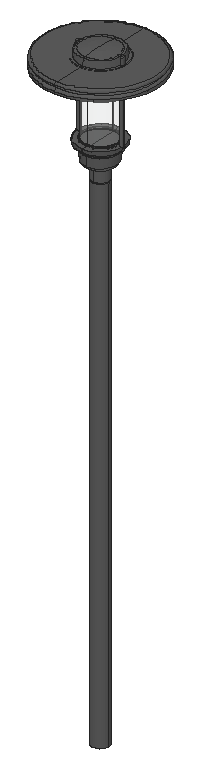
Revit family "Lighting - Current - Slide Post Top1", category Lighting Fixtures, host Face, Revit 2019
Family settings
  Host = Face
  Round Connector Dimension = Use Diameter
  Part Type = Normal
  OmniClass Number = 23.80.70.14
  OmniClass Title = Luminaries for External Lighting
  Cut with Voids When Loaded = No
  Light Source = Yes
  Shared = No
  Room Calculation Point = No
Parameters
  Wattage Comments = "25-112 W"  # constant formula
  Wattage = 9.2903 W
  built-in parameter 1150110 = 1 (stored number, unit not read)
  Voltage Comments = "120-277V"  # constant formula
  Voltage = 277 V
  URL = "https://www.currentlighting.com/aal"
  Type Comments = "Light Fixture"  # constant formula
  built-in parameter 1114217 = 1 (stored number, unit not read)
  Tilt Angle = 90.00°
  built-in parameter 1150109 = 1 (stored number, unit not read)
  built-in parameter 1150134 = 3
  built-in parameter 1150113 = 1 (stored number, unit not read)
  Shade - Staight (STS) [instance] = yes
  Sensor [instance] = no
  Product Page URL = "https://www.currentlighting.com/outdoor-lighting/slide-post-top/419897"
  Product Documentation Link = "https://cdn.currentlighting.com/site/specsheet/aal_sld_posttop_spec.pdf"
  Power Factor = 0.9  # constant formula
  Pole Height [instance] = 120.000"
  Photometry Note = "Please load ies file listed under Photometric Web File for accurate rendering."  # constant formula
  Photometric Web File = "SLD2-PT-4S-NL-80L-110-5K7-5QW-XXX.ies"
  Mounting = "Please Refer to the Product Spec Sheet for Mounting Options"  # constant formula
  Model = "Slide - Post Top"  # constant formula
  Manufacturer Email = "https://www.currentlighting.com/contact-us"
  Manufacturer Address = "701 Millenium Blvd,Greenville, SC"  # constant formula
  Manufacturer = "Current Lighting"  # constant formula
  built-in parameter 1150105 = 109.82 (stored number, unit not read)
  Lumens = 1380 lm
  built-in parameter 1150115 = 1 (stored number, unit not read)
  Load Classification = Lighting
  built-in parameter 1150137 = (empty or 0)
  built-in parameter 1150139 = (empty or 0)
  Lens Material = Glass - Current - Transparent
  Lens = yes
  built-in parameter 1150112 = 1 (stored number, unit not read)
  built-in parameter 1150114 = 1 (stored number, unit not read)
  Lamp = "LED"
  LED = LED - Current -  Yellow
  Installation and Service URL = "https://cdn.currentlighting.com/site/installationmanuals/aal_slide_ins.pdf"
  built-in parameter 1150132 = (empty or 0)
  built-in parameter 1150102 = (empty or 0)
  built-in parameter 1150107 = 3200 (stored number, unit not read)
  built-in parameter 1150138 = (empty or 0)
  built-in parameter 1150106 = 1.0982 (stored number, unit not read)
  Housing Material = Paint - Current - Black
  Shade - Flat (FTS) [instance] = yes
  Features = "Contemporary Post Top featuring clean lines for retail, courtyard, or hospitality applications\r\n3 different shade options (flat, straight, or curve) as well as the ability to have no shade without affecting the performance\r\nA set of three rings can be included on any luminaire configuration to add visual interest or block direct view of LEDs\r\nChoice of 2 or 4 struts to customize based on the application preference\r\nSlide has been designed to offer configurations with or without a lens\r\nPost top mounts on 2 3/8” to 3” tenon\r\nNX Lighting controls available"  # constant formula
  built-in parameter 1150104 = 13.8 (stored number, unit not read)
  Distribution Patterns = ""
  Dimming Lamp Color Temperature Shift = <None>
  Dimmimng Protocol = "0-10V, 10%-100%, Dusk to Dawn, Scheduling"  # constant formula
  Description = "Slide Post top offers a more traditional look while maintaining modern curves and lines. Slide offers superior optical control the post top mount can even replace less visually appealing area mounting fixtures as it maintains great optical control."  # constant formula
  Default Elevation = 48.000"
  Shade - Curve (CTS) [instance] = no
  Copyright = "COPYRIGHT © 2022 HLI SOLUTIONS, INC."  # constant formula
  Controller = "Please Refer to the Product Spec Sheet for Control Options"  # constant formula
  Contact Us = "https://www.currentlighting.com/contact-us"
  Color Rendering Index = ""
  Color Filter = 16777215
  built-in parameter 1114218 = 1 (stored number, unit not read)
  built-in parameter 1150133 = 10 (stored number, unit not read)
  Assembly Code = "D5020200"
  Apparent Load = Wattage  # 9.2903 VA
  4 Strut [instance] = not([2 Strut])  # no
  2 Strut [instance] = yes
Reference planes (in)
  plane 1 "Center (Front/Back)": y = 0
  plane 2: z = 0
  plane 3 "Center (Left/Right)": x = 0
  plane 4: x = 2
  plane 5: x = 1.9
  plane 6: z = 120
  plane 7: z = 120.4
  plane 8: z = 120
  plane 9: z = 151.4
  plane 10: x = 2
  plane 11: z = 147.9
  plane 12: z = 149.4
  plane 13: z = 149.2
  plane 14: x = 1.75
  plane 15: z = 151
  plane 16: z = 146.4
  plane 17: z = 120
Forms (in)
  Revolve 1, solid, material "Paint - Current - Black" <- "Housing Material"
    sketch origin (0, 0, 0) x (1, 0, 0) y (0, 0, 1)
      loop
        line (0, 0) -> (2, 0) -> (2, 120) -> (1.9, 120) -> (1.9, 120.4) -> (0, 120.4) -> (0, 0)
      axis (0, 120.4) -> (0, 0)
    angle from 0 to 360
  Revolve 2, solid, material "Paint - Current - Black" <- "Housing Material", visible <- "Sensor"
    sketch origin (0, 0, 0) x (1, 0, 0) y (0, 0, 1)
      loop
        line (0, 147.9) -> (2, 147.9) -> (2, 149.2) -> (1.75, 149.2) -> (1.75, 149.4) -> (2, 149.4) -> (2, 151)
        arc (2, 151) -> (1.02203, 151.31013) -> (0, 151.4) r 4.68628
        line (0, 151.4) -> (0, 147.9)
      axis (0, 147.9) -> (0, 151.4)
    angle from 0 to 360
Dimensions and locks (in)
  locked: plane 4 to plane 3 "Center (Left/Right)" at 2
  locked: plane 5 to plane 4 at 0.1
  "Pole Height": plane 6 to host face
  locked: plane 7 to plane 6 at 0.4
  "Pole Height": plane 8 to host face
  locked: plane 9 to plane 8 at 31.4
  locked: plane 10 to plane 3 "Center (Left/Right)" at 2
  locked: plane 11 to plane 9 at 3.5
  locked: plane 10 to plane 14 at 0.25
  locked: plane 12 to plane 13 at 0.2
  locked: plane 9 to plane 13 at 2.2
  locked: plane 9 to plane 15 at 0.4
  "Pole Height": plane 17 to level
  locked: plane 16 to plane 17 at 26.4
  aligned and locked: plane 2 to host face
  aligned and locked: level to host face
  aligned and locked: plane 6 to Revolve 1 sketch curve
  aligned and locked: plane 4 to Revolve 1 sketch curve
  aligned and locked: plane 5 to Revolve 1 sketch curve
  aligned and locked: Revolve 1 sketch curve to plane 3 "Center (Left/Right)"  (x2)
  aligned and locked: plane 7 to Revolve 1 sketch curve
  aligned and locked: Revolve 1 sketch curve to host face
  aligned and locked: plane 3 "Center (Left/Right)" to nested 1
  aligned and locked: plane 1 "Center (Front/Back)" to nested 1
  aligned and locked: plane 11 to Revolve 2 sketch curve  (x2)
  aligned and locked: plane 3 "Center (Left/Right)" to Revolve 2 sketch curve  (x3)
  aligned and locked: Revolve 2 sketch curve to plane 10
  aligned and locked: plane 12 to Revolve 2 sketch curve
  aligned and locked: Revolve 2 sketch curve to plane 13
  aligned and locked: Revolve 2 sketch curve to plane 14
  aligned and locked: host face to Revolve 2 sketch curve
  aligned and locked: plane 15 to Revolve 2 sketch curve
  aligned and locked: plane 10 to Revolve 2 sketch curve
  aligned and locked: plane 16 to imposter light
  aligned and locked: plane 3 "Center (Left/Right)" to imposter light
  aligned and locked: imposter light to plane 1 "Center (Front/Back)"
Automatic sketch dimensions
  host sketch curve to host sketch curve = 96.000"  (x2)
  Revolve 1 sketch curve to Revolve 1 sketch curve = 1.750"
  Revolve 1 sketch curve to Revolve 1 sketch curve = 10.000"
  plane 3 "Center (Left/Right)" to Revolve 2 sketch curve = 0.10297"
  level to Revolve 2 sketch curve = 10.250"
  Revolve 2 sketch curve to plane 9 = 0.000"
Nested families (in)
  nested 1: "Lighting - Current - Slide Post Top" at (0, 0, 120.4), 2 STRUT <- "2 Strut", 4 STRUT <- "4 Strut", type "Lighting - Current - Slide Post Top"
    with 4 STRUT no, 3 DECORATIVE RINGS yes, 2 STRUT yes
Connectors (in)
  electrical at (0, 0, 147.9), driven by "Voltage", driven by "Apparent Load", driven by "Power Factor", driven by "Load Classification"
    settings: on nested 1, index 1, voltage 277 V, apparent load 9.2903 VA, apparent load phase1 0 VA, apparent load phase2 0 VA, apparent load phase3 0 VA, power factor 0.9, load classification "Lighting", number of poles 1, system type 30, power factor state 1, is connector primary yes, connector utility no, sub classification motor no, connector description ""
Definition of nested family "Lighting - Current - Slide Post Top"
  Parameters (values of type "Lighting - Current - Slide Post Top")
    STRAIGHT (STS) = yes
    Flat (FTS) = yes
    Lens Material = none
    Lens = yes
    LED = none
    Housing Material = none
    Default Elevation = 48.000"
    CURVE (CTS) = no
    B = 90.00°
    A = -90.00°
    4 STRUT [instance] = no
    3 DECORATIVE RINGS [instance] = yes
    2 STRUT [instance] = yes
  Reference planes (in)
    plane 1 "Center (Front/Back)": y = 0
    plane 2: z = 0
    plane 3 "Center (Left/Right)": x = 0
    plane 4: y = 0.7
    plane 5: z = 2.8
    plane 6: y = 0.88
    plane 7: z = 2.93
    plane 8: z = 3.2
    plane 9: y = 1.58967
    plane 10: y = 3.28967
    plane 11: z = 4.03
    plane 12: y = 3.88967
    plane 13: z = 6.38
    plane 14: y = 4.10967
    plane 15: y = 4.35967
    plane 16: z = 6.78
    plane 17: y = 5.25967
    plane 18: z = 7.48
    plane 19: y = 5.425
    plane 20: z = 8.48
    plane 21: y = 4
    plane 22: y = 4.1
    plane 23: y = 4.2
    plane 24: z = 8.28
    plane 25: z = 8.18
    plane 26: z = 8.38
    plane 27: y = 4.2
    plane 28: y = 4
    plane 29: y = 3.84872
    plane 30: z = 8.38
    plane 31: z = 8.28
    plane 32: z = 25.88
    plane 33: z = 8.63
    plane 34: y = 3.74872
    plane 35: y = 5.2
    plane 36: z = 27.75
    plane 37: z = 27.6
    plane 38: y = 5.05
    plane 39: z = 26
    plane 40: y = 4
    plane 41: z = 26.3
    plane 42: z = 26.2
    plane 43: z = 26.1
    plane 44: y = 4.1
    plane 45: y = 4
    plane 46: z = 26.1
    plane 47: z = 26.2
    plane 48: y = 4.15108
    plane 49: y = 4.6
    plane 50: y = 4.75
    plane 51: z = 8.08
    plane 52: y = 1.85
    plane 53: y = 1.65
    plane 54: y = 1.15
    plane 55: y = 0.95
    plane 56: y = 0.45
    plane 57: y = 0.25
    plane 58: y = -1.85
    plane 59: y = -1.65
    plane 60: y = -1.15
    plane 61: y = -0.95
    plane 62: y = -0.45
    plane 63: y = -0.25
    plane 64: x = -1.85
    plane 65: x = -1.65
    plane 66: x = -1.15
    plane 67: x = -0.95
    plane 68: x = -0.45
    plane 69: x = -0.25
    plane 70: x = 1.85
    plane 71: x = 1.65
    plane 72: x = 1.15
    plane 73: x = 0.95
    plane 74: x = 0.45
    plane 75: x = 0.25
    plane 76: z = 8.25
    plane 77: x = -5.625
    plane 78: z = 7.48
    plane 79: z = 7.66
    plane 80: x = -5.55
    plane 81: x = -5.25967
    plane 82: z = 8.44
    plane 83: x = -5.42334
    plane 84: y = 5.625
    plane 85: z = 26.05
    plane 86: z = 27.55
    plane 87: y = 5.05402
    plane 88: y = 5.19481
    plane 89: z = 27.45
    plane 90: x = -5.40307
    plane 91: y = 5.625
    plane 92: z = 7.48
    plane 93: z = 7.66
    plane 94: y = 5.55
    plane 95: y = 5.25967
    plane 96: z = 8.44
    plane 97: y = 5.42334
    plane 98: y = 5.40307
    plane 99: y = -5.625
    plane 100: z = 7.48
    plane 101: z = 7.66
    plane 102: y = -5.55
    plane 103: y = -5.25967
    plane 104: z = 8.44
    plane 105: y = -5.42334
    plane 106: y = -5.40307
    plane 107: x = 5.625
    plane 108: z = 7.48
    plane 109: z = 7.66
    plane 110: x = 5.55
    plane 111: x = 5.25967
    plane 112: z = 8.44
    plane 113: x = 5.42334
    plane 114: x = 5.40307
    plane 115: x = 5.625
    plane 116: z = 26.05
    plane 117: z = 27.55
    plane 118: x = 5.05402
    plane 119: x = 5.19481
    plane 120: z = 27.45
    plane 121: x = -5.625
    plane 122: z = 26.05
    plane 123: z = 27.55
    plane 124: x = -5.05402
    plane 125: x = -5.19481
    plane 126: z = 27.45
    plane 127: y = -5.625
    plane 128: z = 26.05
    plane 129: z = 27.55
    plane 130: y = -5.05402
    plane 131: y = -5.19481
    plane 132: z = 27.45
    plane 133: z = 26.82
    plane 134: x = 5.1
    plane 135: x = 5.4636
    plane 136: z = 26.82
    plane 137: y = -5.1
    plane 138: y = -5.4636
    plane 139: z = 26.82
    plane 140: y = 5.1
    plane 141: y = 5.4636
    plane 142: z = 26.82
    plane 143: x = -5.1
    plane 144: x = -5.4636
    plane 145: x = 5.1
    plane 146: z = 26.82
    plane 147: x = 5.4636
    plane 148: x = -5.1
    plane 149: z = 26.82
    plane 150: x = -5.4636
    plane 151: z = 20.15
    plane 152: z = 20.3
    plane 153: z = 21.8
    plane 154: z = 21.95
    plane 155: z = 23.45
    plane 156: z = 23.6
    plane 157: x = -4.3
    plane 158: x = -5.9
    plane 159: z = 28.05
    plane 160: y = 4.4
    plane 161: y = 2
    plane 162: z = 26.05
    plane 163: z = 26.1
    plane 164: z = 26.05
    plane 165: y = 13.5
    plane 166: y = 13.45
    plane 167: z = 25.6
    plane 168: y = 4.8
    plane 169: z = 26.09985
    plane 170: z = 26.04985
    plane 171: z = 24.72985
    plane 172: z = 24.6789
    plane 173: z = 24.2288
    plane 174: z = 24.23396
    plane 175: z = 23.72985
    plane 176: y = -12.50295
    plane 177: y = -4.8
    plane 178: y = -5.47658
    plane 179: y = -13.5
    plane 180: x = 13.5
    plane 181: z = 23.72985
    plane 182: x = 13.00771
    plane 183: z = 24.22985
    plane 184: z = 24.72985
    plane 185: z = 26.09985
    plane 186: x = 4.80771
    plane 187: x = 6.00771
  Forms (in)
    Extrusion 1, solid
      sketch origin (0, 0, 0) x (1, 0, 0) y (0, 1, 0)
        loop
          line (-48, 48) -> (-48, -48) -> (48, -48) -> (48, 48) -> (-48, 48)
      from 0 to -12
    Revolve 2, solid, material <- "Housing Material"
      sketch origin (0, 0, 0) x (0, 1, 0) y (0, 0, 1)
        loop
          line (3.28967, 3.2) -> (3.28967, 4.03) -> (3.88967, 4.03) -> (4.10967, 6.38)
          arc (4.10967, 6.38) -> (4.18729, 6.60961) -> (4.35967, 6.78) r 0.52569
          arc (4.35967, 6.78) -> (4.82966, 7.1043) -> (5.25967, 7.48) r 5.00722
          line (5.25967, 7.48) -> (5.425, 8.48) -> (4, 8.48) -> (4, 8.38) -> (4.2, 8.38) -> (4.2, 8.28) -> (4, 8.28) -> (4, 8.18) -> (0, 8.18) -> (0, 8.08) -> (4.35967, 8.08) -> (4.35967, 8.38) -> (5.30711, 8.38) -> (5.16637, 7.52874)
          arc (5.16637, 7.52874) -> (4.75541, 7.17327) -> (4.30766, 6.86541) r 4.90722
          arc (4.30766, 6.86541) -> (4.10249, 6.66261) -> (4.0101, 6.38932) r 0.62569
          line (4.0101, 6.38932) -> (3.79859, 4.13) -> (3.18967, 4.13) -> (3.18967, 3.3) -> (0, 3.3) -> (0, 0) -> (2, 0) -> (2, 3.2) -> (3.28967, 3.2)
        axis (0, 0) -> (0, 8.48)
      angle from 0 to 360
    Revolve 3, solid, material <- "Lens Material", visible <- "Lens"
      sketch origin (0, 0, 0) x (0, 1, 0) y (0, 0, 1)
        loop
          line (4.2, 8.28) -> (4.2, 8.38) -> (4, 8.38) -> (4, 8.63) -> (3.84872, 8.63) -> (3.84872, 25.88) -> (4, 25.88) -> (4, 26.1) -> (4.15108, 26.1) -> (4.15108, 26.2) -> (3.74872, 26.2) -> (3.74872, 8.28) -> (4.2, 8.28)
        axis (0, 8.28) -> (0, 26.2)
      angle from 0 to 360
    Revolve 4, solid, material <- "Housing Material"
      sketch origin (0, 0, 0) x (0, 1, 0) y (0, 0, 1)
        loop
          line (4.1, 27.5) -> (4.1, 26.3) -> (4.25, 26.3) -> (4.25, 26.1) -> (5.09019, 26.1) -> (4.95894, 27.5) -> (4.1, 27.5)
        loop
          arc (4.4, 27.6) -> (2.21212, 27.94355) -> (0, 28.05) r 20.57925
          line (0, 28.05) -> (0, 26.1) -> (4, 26.1) -> (4, 26) -> (5.2, 26) -> (5.05, 27.6) -> (4.4, 27.6)
        axis (0, 26) -> (0, 28.05)
      angle from 0 to 360
    Revolve 5, solid, material <- "Housing Material"
      sketch origin (0, 0, 0) x (0, 1, 0) y (0, 0, 1)
        loop
          arc (4.75, 27.6) -> (4.70607, 27.70607) -> (4.6, 27.75) r 0.15
          line (4.6, 27.75) -> (4.6, 27.6) -> (4.75, 27.6)
        axis (4.6, 27.6) -> (4.6, 27.75)
      angle from 0 to 360
    Revolve 6, solid, material <- "Housing Material"
      sketch origin (0, 0, 0) x (1, 0, 0) y (0, 0, 1)
        loop
          arc (4.75, 27.6) -> (4.70607, 27.70607) -> (4.6, 27.75) r 0.15
          line (4.6, 27.75) -> (4.6, 27.6) -> (4.75, 27.6)
        axis (4.6, 27.6) -> (4.6, 27.75)
      angle from 0 to 360
    Revolve 7, solid, material <- "Housing Material"
      sketch origin (0, 0, 0) x (-1, 0, 0) y (0, 0, 1)
        loop
          arc (4.75, 27.6) -> (4.70607, 27.70607) -> (4.6, 27.75) r 0.15
          line (4.6, 27.75) -> (4.6, 27.6) -> (4.75, 27.6)
        axis (4.6, 27.6) -> (4.6, 27.75)
      angle from 0 to 360
    Revolve 8, solid, material <- "Housing Material"
      sketch origin (0, 0, 0) x (0, -1, 0) y (0, 0, 1)
        loop
          arc (4.75, 27.6) -> (4.70607, 27.70607) -> (4.6, 27.75) r 0.15
          line (4.6, 27.75) -> (4.6, 27.6) -> (4.75, 27.6)
        axis (4.6, 27.6) -> (4.6, 27.75)
      angle from 0 to 360
    Extrusion 9, solid, material <- "LED"
      sketch origin (0, 0, 0) x (1, 0, 0) y (0, 1, 0)
        loop
          line (-1.85, 1.85) -> (-1.85, 1.65) -> (-1.65, 1.65) -> (-1.65, 1.85) -> (-1.85, 1.85)
        loop
          line (-0.45, 1.85) -> (-0.45, 1.65) -> (-0.25, 1.65) -> (-0.25, 1.85) -> (-0.45, 1.85)
        loop
          line (0.25, 1.85) -> (0.25, 1.65) -> (0.45, 1.65) -> (0.45, 1.85) -> (0.25, 1.85)
        loop
          line (-1.15, 1.85) -> (-1.15, 1.65) -> (-0.95, 1.65) -> (-0.95, 1.85) -> (-1.15, 1.85)
        loop
          line (0.95, 1.85) -> (0.95, 1.65) -> (1.15, 1.65) -> (1.15, 1.85) -> (0.95, 1.85)
        loop
          line (1.65, 1.85) -> (1.65, 1.65) -> (1.85, 1.65) -> (1.85, 1.85) -> (1.65, 1.85)
        loop
          line (1.85, 0.95) -> (1.85, 1.15) -> (1.65, 1.15) -> (1.65, 0.95) -> (1.85, 0.95)
        loop
          line (1.85, 0.25) -> (1.85, 0.45) -> (1.65, 0.45) -> (1.65, 0.25) -> (1.85, 0.25)
        loop
          line (1.85, -0.45) -> (1.85, -0.25) -> (1.65, -0.25) -> (1.65, -0.45) -> (1.85, -0.45)
        loop
          line (1.85, -1.15) -> (1.85, -0.95) -> (1.65, -0.95) -> (1.65, -1.15) -> (1.85, -1.15)
        loop
          line (1.85, -1.85) -> (1.85, -1.65) -> (1.65, -1.65) -> (1.65, -1.85) -> (1.85, -1.85)
        loop
          line (1.15, -1.85) -> (1.15, -1.65) -> (0.95, -1.65) -> (0.95, -1.85) -> (1.15, -1.85)
        loop
          line (0.45, -1.85) -> (0.45, -1.65) -> (0.25, -1.65) -> (0.25, -1.85) -> (0.45, -1.85)
        loop
          line (-0.25, -1.85) -> (-0.25, -1.65) -> (-0.45, -1.65) -> (-0.45, -1.85) -> (-0.25, -1.85)
        loop
          line (-0.95, -1.85) -> (-0.95, -1.65) -> (-1.15, -1.65) -> (-1.15, -1.85) -> (-0.95, -1.85)
        loop
          line (-1.65, -1.85) -> (-1.65, -1.65) -> (-1.85, -1.65) -> (-1.85, -1.85) -> (-1.65, -1.85)
        loop
          line (-1.85, -1.15) -> (-1.65, -1.15) -> (-1.65, -0.95) -> (-1.85, -0.95) -> (-1.85, -1.15)
        loop
          line (-1.85, -0.45) -> (-1.65, -0.45) -> (-1.65, -0.25) -> (-1.85, -0.25) -> (-1.85, -0.45)
        loop
          line (-1.65, 0.25) -> (-1.65, 0.45) -> (-1.85, 0.45) -> (-1.85, 0.25) -> (-1.65, 0.25)
        loop
          line (-1.65, 0.95) -> (-1.65, 1.15) -> (-1.85, 1.15) -> (-1.85, 0.95) -> (-1.65, 0.95)
        loop
          line (0.95, 0.95) -> (1.15, 0.95) -> (1.15, 1.15) -> (0.95, 1.15) -> (0.95, 0.95)
        loop
          line (0.95, 0.45) -> (0.95, 0.25) -> (1.15, 0.25) -> (1.15, 0.45) -> (0.95, 0.45)
        loop
          line (0.25, 1.15) -> (0.25, 0.95) -> (0.45, 0.95) -> (0.45, 1.15) -> (0.25, 1.15)
        loop
          line (0.45, 0.45) -> (0.25, 0.45) -> (0.25, 0.25) -> (0.45, 0.25) -> (0.45, 0.45)
        loop
          line (-0.25, 0.25) -> (-0.25, 0.45) -> (-0.45, 0.45) -> (-0.45, 0.25) -> (-0.25, 0.25)
        loop
          line (-0.45, 1.15) -> (-0.45, 0.95) -> (-0.25, 0.95) -> (-0.25, 1.15) -> (-0.45, 1.15)
        loop
          line (-0.95, 0.95) -> (-0.95, 1.15) -> (-1.15, 1.15) -> (-1.15, 0.95) -> (-0.95, 0.95)
        loop
          line (-1.15, 0.45) -> (-1.15, 0.25) -> (-0.95, 0.25) -> (-0.95, 0.45) -> (-1.15, 0.45)
        loop
          line (-1.15, -0.25) -> (-1.15, -0.45) -> (-0.95, -0.45) -> (-0.95, -0.25) -> (-1.15, -0.25)
        loop
          line (-1.15, -1.15) -> (-0.95, -1.15) -> (-0.95, -0.95) -> (-1.15, -0.95) -> (-1.15, -1.15)
        loop
          line (-0.45, -0.95) -> (-0.45, -1.15) -> (-0.25, -1.15) -> (-0.25, -0.95) -> (-0.45, -0.95)
        loop
          line (0.25, -0.95) -> (0.25, -1.15) -> (0.45, -1.15) -> (0.45, -0.95) -> (0.25, -0.95)
        loop
          line (0.95, -0.95) -> (0.95, -1.15) -> (1.15, -1.15) -> (1.15, -0.95) -> (0.95, -0.95)
        loop
          line (-0.45, -0.25) -> (-0.45, -0.45) -> (-0.25, -0.45) -> (-0.25, -0.25) -> (-0.45, -0.25)
        loop
          line (0.25, -0.25) -> (0.25, -0.45) -> (0.45, -0.45) -> (0.45, -0.25) -> (0.25, -0.25)
        loop
          line (0.95, -0.25) -> (0.95, -0.45) -> (1.15, -0.45) -> (1.15, -0.25) -> (0.95, -0.25)
      from 26 to 26.2
    Revolve 10, solid, material <- "Housing Material"
      sketch origin (0, 0, 0) x (-1, 0, 0) y (0, 0, 1)
        loop
          line (5.55, 7.66) -> (5.62134, 8.44) -> (5.40307, 8.44) -> (5.25868, 7.48006)
          arc (5.25868, 7.48006) -> (5.43301, 7.52361) -> (5.55, 7.66) r 0.29588
        axis (5.16637, 7.48006) -> (5.16637, 8.44)
      angle from 90 <- "B" to -90 <- "A"
    Revolve 11, solid, material <- "Housing Material", visible <- "4 STRUT"
      sketch origin (0, 0, 0) x (0, 1, 0) y (0, 0, 1)
        loop
          line (5.19481, 26.05) -> (5.625, 26.05) -> (5.625, 27.45)
          arc (5.625, 27.45) -> (5.34433, 27.52754) -> (5.05402, 27.55) r 1.51648
          line (5.05402, 27.55) -> (5.19481, 26.05)
        axis (5.05402, 27.55) -> (5.05402, 26.05)
      angle from 90 <- "B" to -90 <- "A"
    Revolve 12, solid, material <- "Housing Material", visible <- "4 STRUT"
      sketch origin (0, 0, 0) x (0, 1, 0) y (0, 0, 1)
        loop
          line (5.55, 7.66) -> (5.62134, 8.44) -> (5.40307, 8.44) -> (5.25868, 7.48006)
          arc (5.25868, 7.48006) -> (5.43301, 7.52361) -> (5.55, 7.66) r 0.29588
        axis (5.16637, 7.48006) -> (5.16637, 8.44)
      angle from 90 <- "B" to -90 <- "A"
    Revolve 13, solid, material <- "Housing Material", visible <- "4 STRUT"
      sketch origin (0, 0, 0) x (0, -1, 0) y (0, 0, 1)
        loop
          line (5.55, 7.66) -> (5.62134, 8.44) -> (5.40307, 8.44) -> (5.25868, 7.48006)
          arc (5.25868, 7.48006) -> (5.43301, 7.52361) -> (5.55, 7.66) r 0.29588
        axis (5.16637, 7.48006) -> (5.16637, 8.44)
      angle from 90 <- "B" to -90 <- "A"
    Revolve 14, solid, material <- "Housing Material"
      sketch origin (0, 0, 0) x (1, 0, 0) y (0, 0, 1)
        loop
          line (5.55, 7.66) -> (5.62134, 8.44) -> (5.40307, 8.44) -> (5.25868, 7.48006)
          arc (5.25868, 7.48006) -> (5.43301, 7.52361) -> (5.55, 7.66) r 0.29588
        axis (5.16637, 7.48006) -> (5.16637, 8.44)
      angle from 90 <- "B" to -90 <- "A"
    Revolve 15, solid, material <- "Housing Material"
      sketch origin (0, 0, 0) x (1, 0, 0) y (0, 0, 1)
        loop
          line (5.19481, 26.05) -> (5.625, 26.05) -> (5.625, 27.45)
          arc (5.625, 27.45) -> (5.34433, 27.52754) -> (5.05402, 27.55) r 1.51648
          line (5.05402, 27.55) -> (5.19481, 26.05)
        axis (5.05402, 27.55) -> (5.05402, 26.05)
      angle from 90 <- "B" to -90 <- "A"
    Revolve 16, solid, material <- "Housing Material"
      sketch origin (0, 0, 0) x (-1, 0, 0) y (0, 0, 1)
        loop
          line (5.19481, 26.05) -> (5.625, 26.05) -> (5.625, 27.45)
          arc (5.625, 27.45) -> (5.34433, 27.52754) -> (5.05402, 27.55) r 1.51648
          line (5.05402, 27.55) -> (5.19481, 26.05)
        axis (5.05402, 27.55) -> (5.05402, 26.05)
      angle from 90 <- "B" to -90 <- "A"
    Revolve 17, solid, material <- "Housing Material", visible <- "4 STRUT"
      sketch origin (0, 0, 0) x (0, -1, 0) y (0, 0, 1)
        loop
          line (5.19481, 26.05) -> (5.625, 26.05) -> (5.625, 27.45)
          arc (5.625, 27.45) -> (5.34433, 27.52754) -> (5.05402, 27.55) r 1.51648
          line (5.05402, 27.55) -> (5.19481, 26.05)
        axis (5.05402, 27.55) -> (5.05402, 26.05)
      angle from 90 <- "B" to -90 <- "A"
    Revolve 18, solid, material <- "Housing Material", visible <- "4 STRUT"
      sketch origin (0, 0, 0) x (1, 0, 0) y (0, 0, 1)
        loop
          line (5.1, 8.25) -> (5.4636, 8.25) -> (5.4636, 26.82) -> (5.1, 26.82) -> (5.1, 8.25)
        axis (5.1, 8.25) -> (5.1, 26.82)
      angle from 0 to 360
    Revolve 19, solid, material <- "Housing Material", visible <- "4 STRUT"
      sketch origin (0, 0, 0) x (0, -1, 0) y (0, 0, 1)
        loop
          line (5.1, 8.25) -> (5.4636, 8.25) -> (5.4636, 26.82) -> (5.1, 26.82) -> (5.1, 8.25)
        axis (5.1, 8.25) -> (5.1, 26.82)
      angle from 0 to 360
    Revolve 20, solid, material <- "Housing Material", visible <- "4 STRUT"
      sketch origin (0, 0, 0) x (0, 1, 0) y (0, 0, 1)
        loop
          line (5.1, 8.25) -> (5.4636, 8.25) -> (5.4636, 26.82) -> (5.1, 26.82) -> (5.1, 8.25)
        axis (5.1, 8.25) -> (5.1, 26.82)
      angle from 0 to 360
    Revolve 21, solid, material <- "Housing Material", visible <- "4 STRUT"
      sketch origin (0, 0, 0) x (-1, 0, 0) y (0, 0, 1)
        loop
          line (5.1, 8.25) -> (5.4636, 8.25) -> (5.4636, 26.82) -> (5.1, 26.82) -> (5.1, 8.25)
        axis (5.1, 8.25) -> (5.1, 26.82)
      angle from 0 to 360
    Revolve 22, solid, material <- "Housing Material", visible <- "2 STRUT"
      sketch origin (0, 0, 0) x (1, 0, 0) y (0, 0, 1)
        loop
          line (5.1, 26.82) -> (5.1, 8.25) -> (5.4636, 8.25) -> (5.4636, 26.82) -> (5.1, 26.82)
        axis (5.1, 8.25) -> (5.1, 26.82)
      angle from 0 to 360
    Revolve 23, solid, material <- "Housing Material", visible <- "2 STRUT"
      sketch origin (0, 0, 0) x (-1, 0, 0) y (0, 0, 1)
        loop
          line (5.1, 26.82) -> (5.1, 8.25) -> (5.4636, 8.25) -> (5.4636, 26.82) -> (5.1, 26.82)
        axis (5.1, 8.25) -> (5.1, 26.82)
      angle from 0 to 360
    Revolve 24, solid, material <- "Housing Material", visible <- "3 DECORATIVE RINGS"
      sketch origin (0, 0, 0) x (1, 0, 0) y (0, 0, 1)
        loop
          line (-4.3, 23.6) -> (-5.9, 23.6) -> (-5.9, 23.45) -> (-4.3, 23.45) -> (-4.3, 23.6)
        loop
          line (-4.3, 21.95) -> (-5.9, 21.95) -> (-5.9, 21.8) -> (-4.3, 21.8) -> (-4.3, 21.95)
        loop
          line (-4.3, 20.3) -> (-5.9, 20.3) -> (-5.9, 20.15) -> (-4.3, 20.15) -> (-4.3, 20.3)
        axis (0, 20.15) -> (0, 23.6)
      angle from 0 to 360
    Revolve 25, solid, material <- "Housing Material", visible <- "Flat (FTS)"
      sketch origin (0, 0, 0) x (0, 1, 0) y (0, 0, 1)
        loop
          arc (13.5, 25.6) -> (13.35355, 25.95355) -> (13, 26.1) r 0.5
          line (13, 26.1) -> (4.8, 26.1) -> (4.8, 26.05) -> (13, 26.05)
          arc (13, 26.05) -> (13.3182, 25.9182) -> (13.45, 25.6) r 0.45
          line (13.45, 25.6) -> (13.5, 25.6)
        axis (0, 26.1) -> (0, 25.6)
      angle from 0 to 360
    Revolve 26, solid, material <- "Housing Material", visible <- "STRAIGHT (STS)"
      sketch origin (0, 0, 0) x (0, 1, 0) y (0, 0, 1)
        loop
          line (-13.5, 23.72985) -> (-13.45, 23.72985) -> (-13.45, 24.2288)
          arc (-13.45, 24.2288) -> (-13.27585, 24.50365) -> (-13.00099, 24.6778) r 0.74342
          line (-13.00099, 24.6778) -> (-5.99053, 26.04985) -> (-4.8, 26.04985) -> (-4.8, 26.09985) -> (-5.96902, 26.09985) -> (-12.99538, 24.72469)
          arc (-12.99538, 24.72469) -> (-13.32945, 24.54333) -> (-13.5, 24.20361) r 0.63476
          line (-13.5, 24.20361) -> (-13.5, 23.72985)
        axis (0, 23.72985) -> (0, 26.09985)
      angle from 0 to 360
    Revolve 27, solid, material <- "Housing Material", visible <- "CURVE (CTS)"
      sketch origin (0, 0, 0) x (1, 0, 0) y (0, 0, 1)
        loop
          line (13.50771, 23.72985) -> (13.50771, 24.22985)
          arc (13.50771, 24.22985) -> (13.36127, 24.5834) -> (13.00771, 24.72985) r 0.5
          arc (13.00771, 24.72985) -> (9.44131, 25.07557) -> (6.00771, 26.09985) r 18.56821
          line (6.00771, 26.09985) -> (4.80771, 26.09985) -> (4.80771, 26.04985) -> (5.99793, 26.04985)
          arc (5.99793, 26.04985) -> (9.43651, 25.02556) -> (13.00771, 24.67985) r 18.61821
          arc (13.00771, 24.67985) -> (13.32591, 24.54805) -> (13.45771, 24.22985) r 0.45
          line (13.45771, 24.22985) -> (13.45771, 23.72985) -> (13.50771, 23.72985)
        axis (0.00771, 26.09985) -> (0.00771, 23.72985)
      angle from 0 to 360
  Dimensions and locks (in)
    locked: plane 1 "Center (Front/Back)" to plane 4 at 0.7
    locked: plane 5 to Extrusion 1 at 2.8
    locked: plane 9 to plane 10 at 1.7
    locked: plane 11 to plane 8 at 0.83
    locked: plane 10 to plane 12 at 0.6
    locked: plane 13 to plane 11 at 2.35
    locked: plane 12 to plane 14 at 0.22
    locked: plane 14 to plane 15 at 0.25
    locked: plane 16 to plane 13 at 0.4
    locked: plane 18 to plane 16 at 0.7
    locked: plane 1 "Center (Front/Back)" to plane 21 at 4
    locked: Revolve 2 sketch curve to Revolve 2 sketch curve at 0.1  (x8)
    locked: plane 21 to plane 22 at 0.1
    locked: plane 22 to plane 23 at 0.1
    locked: plane 24 to plane 25 at 0.1
    locked: plane 20 to plane 24 at 0.2
    locked: plane 20 to plane 26 at 0.1
    locked: plane 31 to Extrusion 1 at 8.28
    locked: plane 30 to plane 31 at 0.1
    locked: plane 1 "Center (Front/Back)" to plane 29 at 3.84872
    locked: plane 29 to plane 28 at 0.15128
    locked: plane 28 to plane 27 at 0.2
    locked: plane 32 to Extrusion 1 at 25.88
    locked: plane 33 to plane 31 at 0.35
    locked: plane 34 to plane 29 at 0.1
    locked: plane 1 "Center (Front/Back)" to plane 35 at 5.2
    locked: plane 36 to level at 27.75
    locked: plane 36 to plane 37 at 0.15
    locked: plane 38 to plane 35 at 0.15
    locked: plane 1 "Center (Front/Back)" to plane 40 at 4
    locked: plane 41 to plane 39 at 0.3
    equal spacing: plane 41, plane 42, plane 43, plane 39, locked at 0.1 each
    plane 40 to plane 44 = 0.100"
    locked: plane 1 "Center (Front/Back)" to plane 45 at 4
    locked: Revolve 4 sketch curve to Revolve 4 sketch curve at 0.1  (x3)
    locked: plane 17 to plane 19 at 0.16533
    locked: plane 49 to plane 35 at 0.6
    locked: plane 49 to plane 50 at 0.15
    locked: plane 25 to plane 51 at 0.1
    plane 52 to plane 53 to plane 54 to plane 55 to plane 4 to plane 56 to plane 57 to plane 1 "Center (Front/Back)" to plane 63 to plane 62 to plane 61 to plane 60 to plane 59 to plane 58 = 0.200" locked, 0.500" locked, 0.200" locked, 0.250" locked, 0.250" locked, 0.200" locked, 0.250" locked, 0.250" locked, 0.200" locked, 0.500" locked, 0.200" locked, 0.500" locked, 0.200" locked
    plane 64 to plane 65 to plane 66 to plane 67 to plane 68 to plane 69 to plane 75 to plane 74 to plane 73 to plane 72 to plane 71 to plane 70 = 0.200" locked, 0.500" locked, 0.200" locked, 0.500" locked, 0.200" locked, 0.500" locked, 0.200" locked, 0.500" locked, 0.200" locked, 0.500" locked, 0.200" locked
    locked: Extrusion 1 to plane 76 at 8.25
    locked: plane 79 to plane 78 at 0.18
    locked: plane 80 to plane 77 at 0.075
    locked: plane 81 to plane 80 at 0.29033
    locked: plane 83 to plane 77 at 0.20166
    locked: plane 87 to plane 84 at 0.57098
    locked: plane 88 to plane 84 at 0.43019
    locked: plane 86 to plane 89 at 0.1
    locked: plane 82 to plane 79 at 0.78
    locked: plane 80 to plane 90 at 0.14693
    locked: plane 93 to plane 92 at 0.18
    locked: plane 96 to plane 93 at 0.78
    locked: plane 94 to plane 98 at 0.14693
    locked: plane 101 to plane 100 at 0.18
    locked: plane 104 to plane 101 at 0.78
    locked: plane 102 to plane 106 at 0.14693
    locked: plane 109 to plane 108 at 0.18
    locked: plane 107 to plane 110 at 0.075
    locked: plane 110 to plane 111 at 0.29033
    locked: plane 107 to plane 113 at 0.20166
    locked: plane 112 to plane 109 at 0.78
    locked: plane 110 to plane 114 at 0.14693
    locked: plane 80 to plane 3 "Center (Left/Right)" at 5.55
    locked: plane 78 to Extrusion 1 at 7.48
    locked: plane 108 to Extrusion 1 at 7.48
    locked: plane 107 to plane 3 "Center (Left/Right)" at 5.625
    locked: plane 91 to plane 1 "Center (Front/Back)" at 5.625
    locked: plane 92 to Extrusion 1 at 7.48
    locked: plane 100 to Extrusion 1 at 7.48
    locked: plane 1 "Center (Front/Back)" to plane 99 at 5.625
    locked: plane 118 to plane 115 at 0.57098
    locked: plane 119 to plane 115 at 0.43019
    locked: plane 117 to plane 120 at 0.1
    locked: plane 124 to plane 121 at 0.57098
    locked: plane 125 to plane 121 at 0.43019
    locked: plane 123 to plane 126 at 0.1
    locked: plane 130 to plane 127 at 0.57098
    locked: plane 131 to plane 127 at 0.43019
    locked: plane 129 to plane 132 at 0.1
    locked: plane 121 to plane 3 "Center (Left/Right)" at 5.625
    locked: plane 126 to Extrusion 1 at 27.45
    locked: plane 120 to Extrusion 1 at 27.45
    locked: plane 115 to plane 3 "Center (Left/Right)" at 5.625
    locked: plane 84 to plane 1 "Center (Front/Back)" at 5.625
    locked: plane 89 to Extrusion 1 at 27.45
    locked: plane 132 to Extrusion 1 at 27.45
    locked: plane 1 "Center (Front/Back)" to plane 127 at 5.625
    locked: plane 135 to plane 134 at 0.3636
    locked: plane 138 to plane 137 at 0.3636
    locked: plane 141 to plane 140 at 0.3636
    locked: plane 144 to plane 143 at 0.3636
    locked: plane 3 "Center (Left/Right)" to Revolve 21 sketch curve at 5.1
    locked: plane 143 to plane 3 "Center (Left/Right)" at 5.1
    plane 5 to Revolve 10 to plane 142 = 5.640" locked, 18.380" locked
    locked: plane 134 to plane 3 "Center (Left/Right)" at 5.1
    locked: plane 133 to plane 37 at 0.78
    locked: plane 36 to plane 136 at 0.93
    locked: plane 1 "Center (Front/Back)" to plane 137 at 5.1
    locked: plane 37 to plane 139 at 0.78
    locked: plane 140 to plane 1 "Center (Front/Back)" at 5.1
    locked: plane 36 to plane 146 at 0.93
    locked: plane 145 to plane 3 "Center (Left/Right)" at 5.1
    locked: plane 147 to plane 145 at 0.3636
    locked: plane 150 to plane 148 at 0.3636
    locked: plane 148 to plane 3 "Center (Left/Right)" at 5.1
    locked: plane 36 to plane 149 at 0.93
    locked: plane 151 to plane 152 at 0.15
    locked: plane 153 to plane 154 at 0.15
    locked: plane 155 to plane 156 at 0.15
    locked: plane 152 to plane 153 at 1.5
    locked: plane 154 to plane 155 at 1.5
    locked: plane 3 "Center (Left/Right)" to plane 157 at 4.3
    locked: plane 158 to plane 157 at 1.6
    locked: plane 151 to Extrusion 1 at 20.15
    locked: plane 159 to plane 36 at 0.3
    locked: plane 160 to plane 1 "Center (Front/Back)" at 4.4
    locked: plane 161 to plane 1 "Center (Front/Back)" at 2
    locked: plane 162 to Extrusion 1 at 26.05
    locked: plane 164 to plane 167 at 0.45
    locked: plane 164 to plane 163 at 0.05
    locked: plane 165 to plane 166 at 0.05
    locked: plane 168 to plane 1 "Center (Front/Back)" at 4.8
    locked: plane 174 to plane 173 at 0.00516
    locked: plane 173 to plane 175 at 0.49895
    locked: plane 174 to plane 172 at 0.44494
    locked: plane 172 to plane 171 at 0.05095
    plane 177 to plane 178 to plane 176 = 0.67658" locked, 7.02636" locked
    locked: plane 169 to plane 170 at 0.05
    locked: plane 1 "Center (Front/Back)" to plane 179 at 13.5
    locked: plane 1 "Center (Front/Back)" to plane 177 at 4.8
    locked: plane 170 to Extrusion 1 at 26.04985
    locked: Revolve 26 sketch curve to Revolve 26 sketch curve at 0.05
    locked: plane 183 to plane 181 at 0.5
    locked: plane 184 to plane 183 at 0.5
    locked: plane 185 to plane 181 at 2.37
    locked: Revolve 27 sketch curve to Revolve 27 sketch curve at 0.05  (x3)
    locked: Revolve 27 sketch curve to Revolve 27 sketch curve at 0.05095
    locked: plane 186 to plane 3 "Center (Left/Right)" at 4.80771
    locked: plane 187 to plane 186 at 1.2
    locked: plane 187 to plane 180 at 7.49229
    aligned and locked: plane 2 to Extrusion 1
    aligned and locked: level to Extrusion 1
    aligned and locked: plane 10 to Revolve 2 sketch curve
    aligned and locked: Revolve 2 sketch curve to plane 11
    aligned and locked: plane 13 to Revolve 2 sketch curve  (x2)
    aligned and locked: plane 14 to Revolve 2 sketch curve  (x2)
    aligned and locked: plane 11 to Revolve 2 sketch curve
    aligned and locked: plane 12 to Revolve 2 sketch curve
    aligned and locked: plane 16 to Revolve 2 sketch curve
    aligned and locked: plane 15 to Revolve 2 sketch curve  (x2)
    aligned and locked: plane 21 to Revolve 2 sketch curve  (x2)
    aligned and locked: plane 20 to Revolve 2 sketch curve
    aligned and locked: Revolve 2 sketch curve to plane 1 "Center (Front/Back)"  (x2)
    aligned and locked: Revolve 2 sketch curve to plane 26  (x2)
    aligned and locked: Revolve 2 sketch curve to plane 21
    aligned and locked: Revolve 2 sketch curve to plane 23
    aligned and locked: Revolve 3 sketch curve to plane 1 "Center (Front/Back)"
    aligned and locked: plane 33 to Revolve 3 sketch curve
    aligned and locked: Revolve 3 sketch curve to plane 29
    aligned and locked: plane 34 to Revolve 3 sketch curve
    aligned and locked: plane 31 to Revolve 3 sketch curve
    aligned and locked: plane 41 to Revolve 4 sketch curve
    aligned and locked: plane 44 to Revolve 4 sketch curve
    aligned and locked: Revolve 4 sketch curve to plane 43
    aligned and locked: Extrusion 1 to Revolve 4 sketch curve
    aligned and locked: Revolve 4 sketch curve to plane 1 "Center (Front/Back)"  (x2)
    aligned and locked: Revolve 3 sketch curve to plane 32
    aligned and locked: plane 47 to Revolve 3 sketch curve  (x2)
    aligned and locked: Revolve 3 sketch curve to plane 46
    aligned and locked: plane 48 to Revolve 3 sketch curve
    aligned and locked: plane 45 to Revolve 3 sketch curve
    aligned and locked: plane 37 to Revolve 4 sketch curve  (x2)
    aligned and locked: plane 38 to Revolve 4 sketch curve
    aligned and locked: plane 39 to Revolve 4 sketch curve
    aligned and locked: plane 35 to Revolve 4 sketch curve
    aligned and locked: Revolve 4 sketch curve to plane 39
    aligned and locked: plane 19 to Revolve 2 sketch curve
    aligned and locked: Revolve 5 sketch curve to Revolve 5 sketch curve  (x2)
    aligned and locked: Revolve 6 sketch curve to Revolve 6 sketch curve  (x2)
    aligned and locked: Revolve 7 sketch curve to Revolve 7 sketch curve  (x2)
    aligned and locked: Revolve 8 sketch curve to Revolve 8 sketch curve  (x2)
    aligned and locked: plane 51 to Revolve 2 sketch curve
    aligned and locked: Revolve 2 sketch curve to plane 25
    aligned and locked: Revolve 2 sketch curve to plane 51
    aligned and locked: Extrusion 9 sketch curve to plane 52  (x6)
    aligned and locked: Extrusion 9 sketch curve to plane 64  (x4)
    aligned and locked: plane 53 to Extrusion 9 sketch curve  (x6)
    aligned and locked: plane 65 to Extrusion 9 sketch curve  (x4)
    aligned and locked: Extrusion 9 sketch curve to plane 68  (x6)
    aligned and locked: plane 69 to Extrusion 9 sketch curve  (x6)
    aligned and locked: plane 75 to Extrusion 9 sketch curve  (x5)
    aligned and locked: Extrusion 9 sketch curve to plane 74  (x5)
    aligned and locked: Extrusion 9 sketch curve to plane 66  (x5)
    aligned and locked: plane 67 to Extrusion 9 sketch curve  (x5)
    aligned and locked: plane 73 to Extrusion 9 sketch curve  (x5)
    aligned and locked: Extrusion 9 sketch curve to plane 72  (x5)
    aligned and locked: plane 71 to Extrusion 9 sketch curve  (x6)
    aligned and locked: Extrusion 9 sketch curve to plane 70  (x6)
    aligned and locked: plane 55 to Extrusion 9 sketch curve  (x5)
    aligned and locked: Extrusion 9 sketch curve to plane 54  (x5)
    aligned and locked: plane 57 to Extrusion 9 sketch curve  (x5)
    aligned and locked: Extrusion 9 sketch curve to plane 56  (x5)
    aligned and locked: Extrusion 9 sketch curve to plane 62  (x5)
    aligned and locked: plane 63 to Extrusion 9 sketch curve  (x5)
    aligned and locked: Extrusion 9 sketch curve to plane 60  (x4)
    aligned and locked: plane 61 to Extrusion 9 sketch curve  (x4)
    aligned and locked: Extrusion 9 sketch curve to plane 58  (x6)
    aligned and locked: plane 59 to Extrusion 9 sketch curve  (x6)
    aligned and locked: plane 60 to Extrusion 9 sketch curve  (x2)
    aligned and locked: plane 64 to Extrusion 9 sketch curve  (x2)
    aligned and locked: Extrusion 9 sketch curve to plane 61  (x2)
    aligned and locked: Extrusion 9 sketch curve to plane 65  (x2)
    aligned and locked: plane 62 to Extrusion 9 sketch curve
    aligned and locked: Extrusion 9 sketch curve to plane 63
    aligned and locked: Extrusion 9 sketch curve to plane 55
    aligned and locked: Extrusion 9 sketch curve to plane 73
    aligned and locked: plane 54 to Extrusion 9 sketch curve
    aligned and locked: plane 72 to Extrusion 9 sketch curve
    aligned and locked: plane 56 to Extrusion 9 sketch curve
    aligned and locked: plane 74 to Extrusion 9 sketch curve
    aligned and locked: Extrusion 9 sketch curve to plane 57
    aligned and locked: Extrusion 9 sketch curve to plane 75
    aligned and locked: plane 66 to Extrusion 9 sketch curve
    aligned and locked: Extrusion 9 sketch curve to plane 67
    aligned and locked: plane 78 to Revolve 10 sketch curve
    aligned and locked: plane 81 to Revolve 10 sketch curve
    aligned and locked: plane 80 to Revolve 10 sketch curve  (x2)
    aligned and locked: plane 79 to Revolve 10 sketch curve  (x2)
    aligned and locked: plane 82 to Revolve 10 sketch curve
    aligned and locked: plane 77 to Revolve 10 sketch curve
    aligned and locked: plane 88 to Revolve 11 sketch curve
    aligned and locked: plane 85 to Revolve 11 sketch curve
    aligned and locked: plane 86 to Revolve 11 sketch curve
    aligned and locked: plane 87 to Revolve 11 sketch curve  (x2)
    aligned and locked: plane 89 to Revolve 11 sketch curve  (x2)
    aligned and locked: plane 84 to Revolve 11 sketch curve
    aligned and locked: Revolve 11 sketch curve to plane 85
    aligned and locked: Revolve 11 sketch curve to Revolve 11 sketch curve
    aligned and locked: plane 92 to Revolve 12 sketch curve
    aligned and locked: plane 95 to Revolve 12 sketch curve
    aligned and locked: plane 94 to Revolve 12 sketch curve  (x2)
    aligned and locked: plane 93 to Revolve 12 sketch curve  (x2)
    aligned and locked: plane 96 to Revolve 12 sketch curve
    aligned and locked: plane 91 to Revolve 12 sketch curve
    aligned and locked: plane 100 to Revolve 13 sketch curve
    aligned and locked: plane 103 to Revolve 13 sketch curve
    aligned and locked: plane 102 to Revolve 13 sketch curve  (x2)
    aligned and locked: plane 101 to Revolve 13 sketch curve  (x2)
    aligned and locked: plane 104 to Revolve 13 sketch curve
    aligned and locked: plane 99 to Revolve 13 sketch curve
    aligned and locked: plane 108 to Revolve 14 sketch curve
    aligned and locked: plane 111 to Revolve 14 sketch curve
    aligned and locked: plane 110 to Revolve 14 sketch curve  (x2)
    aligned and locked: plane 109 to Revolve 14 sketch curve  (x2)
    aligned and locked: plane 112 to Revolve 14 sketch curve
    aligned and locked: plane 107 to Revolve 14 sketch curve
    aligned and locked: plane 119 to Revolve 15 sketch curve
    aligned and locked: plane 116 to Revolve 15 sketch curve
    aligned and locked: plane 117 to Revolve 15 sketch curve
    aligned and locked: plane 118 to Revolve 15 sketch curve  (x2)
    aligned and locked: plane 120 to Revolve 15 sketch curve  (x2)
    aligned and locked: plane 115 to Revolve 15 sketch curve
    aligned and locked: Revolve 15 sketch curve to plane 116
    aligned and locked: Revolve 15 sketch curve to Revolve 15 sketch curve
    aligned and locked: plane 125 to Revolve 16 sketch curve
    aligned and locked: plane 122 to Revolve 16 sketch curve
    aligned and locked: plane 123 to Revolve 16 sketch curve
    aligned and locked: plane 124 to Revolve 16 sketch curve  (x2)
    aligned and locked: plane 126 to Revolve 16 sketch curve  (x2)
    aligned and locked: plane 121 to Revolve 16 sketch curve
    aligned and locked: Revolve 16 sketch curve to plane 122
    aligned and locked: Revolve 16 sketch curve to Revolve 16 sketch curve
    aligned and locked: plane 131 to Revolve 17 sketch curve
    aligned and locked: plane 128 to Revolve 17 sketch curve
    aligned and locked: plane 129 to Revolve 17 sketch curve
    aligned and locked: plane 130 to Revolve 17 sketch curve  (x2)
    aligned and locked: plane 132 to Revolve 17 sketch curve  (x2)
    aligned and locked: plane 127 to Revolve 17 sketch curve
    aligned and locked: Revolve 17 sketch curve to plane 128
    aligned and locked: Revolve 17 sketch curve to Revolve 17 sketch curve
    aligned and locked: plane 135 to Revolve 18 sketch curve
    aligned and locked: Revolve 18 sketch curve to Revolve 18 sketch curve
    aligned and locked: plane 138 to Revolve 19 sketch curve
    aligned and locked: Revolve 19 sketch curve to Revolve 19 sketch curve
    aligned and locked: plane 141 to Revolve 20 sketch curve
    aligned and locked: Revolve 20 sketch curve to Revolve 20 sketch curve
    aligned and locked: plane 144 to Revolve 21 sketch curve
    aligned and locked: Revolve 21 sketch curve to Revolve 21 sketch curve
    aligned and locked: plane 145 to Revolve 22 sketch curve
    aligned and locked: Revolve 22 sketch curve to plane 146
    aligned and locked: Revolve 22 sketch curve to plane 147
    aligned and locked: plane 76 to Revolve 22 sketch curve
    aligned and locked: Revolve 22 sketch curve to Revolve 22 sketch curve
    aligned and locked: Revolve 23 sketch curve to plane 148
    aligned and locked: plane 149 to Revolve 23 sketch curve
    aligned and locked: plane 150 to Revolve 23 sketch curve
    aligned and locked: Revolve 23 sketch curve to Revolve 23 sketch curve
    aligned and locked: plane 156 to Revolve 24 sketch curve
    aligned and locked: plane 157 to Revolve 24 sketch curve  (x3)
    aligned and locked: Revolve 24 sketch curve to plane 155
    aligned and locked: Revolve 24 sketch curve to plane 158  (x3)
    aligned and locked: plane 154 to Revolve 24 sketch curve
    aligned and locked: Revolve 24 sketch curve to plane 153
    aligned and locked: plane 152 to Revolve 24 sketch curve
    aligned and locked: Revolve 24 sketch curve to plane 151
    aligned and locked: plane 159 to Revolve 4 sketch curve
    aligned and locked: plane 1 "Center (Front/Back)" to Revolve 4 sketch curve
    aligned and locked: plane 160 to Revolve 4 sketch curve
    aligned and locked: Revolve 2 sketch curve to plane 8
    aligned and locked: Revolve 2 sketch curve to plane 161
    aligned and locked: Revolve 2 sketch curve to Extrusion 1
    aligned and locked: plane 1 "Center (Front/Back)" to Revolve 2 sketch curve
    aligned and locked: Revolve 4 sketch curve to Revolve 3
    aligned and locked: Revolve 4 sketch curve to plane 40
    aligned and locked: Revolve 3 to Extrusion 9
    aligned and locked: Extrusion 9 to Revolve 4
    aligned and locked: plane 164 to Revolve 25 sketch curve
    aligned and locked: plane 163 to Revolve 25 sketch curve
    aligned and locked: plane 165 to Revolve 25 sketch curve
    aligned and locked: plane 166 to Revolve 25 sketch curve
    aligned and locked: plane 167 to Revolve 25 sketch curve
    aligned and locked: plane 164 to Revolve 11
    aligned and locked: Revolve 25 sketch curve to plane 1 "Center (Front/Back)"
    aligned and locked: plane 168 to Revolve 25 sketch curve
    aligned and locked: plane 177 to Revolve 26 sketch curve
    aligned and locked: plane 169 to Revolve 26 sketch curve  (x3)
    aligned and locked: plane 170 to Revolve 26 sketch curve  (x3)
    aligned and locked: Revolve 26 sketch curve to Revolve 26 sketch curve  (x3)
    aligned and locked: plane 171 to Revolve 26 sketch curve
    aligned and locked: Revolve 26 sketch curve to plane 175
    aligned and locked: plane 172 to Revolve 26 sketch curve
    aligned and locked: plane 175 to Revolve 26 sketch curve
    aligned and locked: plane 179 to Revolve 26 sketch curve
    aligned and locked: plane 173 to Revolve 26 sketch curve
    aligned and locked: Revolve 26 sketch curve to radial array
    aligned and locked: Revolve 27 sketch curve to plane 185  (x2)
    aligned and locked: Revolve 27 sketch curve to plane 187
    aligned and locked: Revolve 27 sketch curve to plane 182  (x2)
    aligned and locked: Revolve 27 sketch curve to plane 186
    aligned and locked: Revolve 27 sketch curve to plane 181
